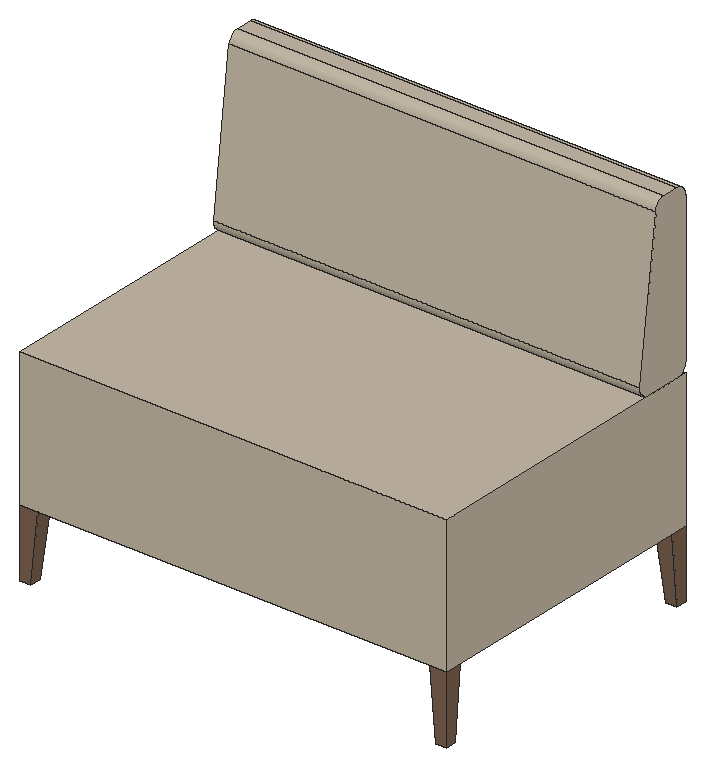
Revit family "FU_Chair_Sandler_LINEAR 2-1", category Furniture, Revit 2020
Family settings
  OmniClass Number = 23.21.23.15.17
  Work Plane-Based = Yes
  Always vertical = No
  Cut with Voids When Loaded = No
  Shared = No
  Room Calculation Point = No
Parameters (values of type "LINEAR 2.1")
  Youtube clip = ""
  Uniformat II Description = "Movable Furnishings"
  Uniformat II Code = ""
  Uniclass 2015 Name = ""
  Uniclass 2015 Code = ""
  Uniclass 2.0 Description = ""
  Uniclass 2.0 Code = ""
  Uniclass 1.4 Description = ""
  Uniclass 1.4 Code = ""
  UNSPSC Code = ""
  Technical description = ""
  Shell Material = Fabric - Mainline Flax - Upminster MLF20
  Frame Material = Wood - Beech - Walnut
  Region South America = "All"
  Region Oceania = "All"
  Region North America = "All"
  Region Middle East = "All"
  Region Europe = "All"
  Region Asia = "All"
  Region Antarctica = "All"
  Region Africa = "All"
  QR code = "https://www.sandlerseating.com/product/linear-2-1/"
  Product url = "https://www.sandlerseating.com/product/linear-2-1/"
  Product name = "LINEAR 2.1"
  Product group = "Chair"
  Product family = "Furniture"
  Product data url = "https://www.sandlerseating.com/product/linear-2-1/"
  Product certification = ""
  Product SKU = "??"
  Product Guid = "??"
  OmniClass Description = ""
  OmniClass Code = "23-21 23 15 17"
  NBS Reference Description = ""
  NBS Reference Code = ""
  Model = "LINEAR 2.1"
  Masterformat 2014 Description = "Chair Mats"
  Masterformat 2014 Code = "12 48 43.13"
  Manufacturer name = "Sandler"
  Manufacturer country = "USA"
  Manufacturer = "Sandler"
  Installation instructions = ""
  IFC Classification = "Furnishing Element"
  GTIN code = ""
  Edition number = 1
  Design country = "Brasil"
  Description = "Chair"
  Default Elevation = 0.000 mm
  Date of publishing = ""
  COBIe Type Category = ""
  Brand url = "https://www.sandlerseating.com/"
  BIMobject main category code = "furniture"
  BIMobject main category = "Furniture"
  BIMobject category code = "furniture-chair"
  BIMobject category = "Chair"
Reference planes
  plane 1 "Center Front/Back": y = 0
  plane 2: z = 0
  plane 3 "Center Left/Right": x = 0
Forms (mm)
  Extrusion 1, solid, material "Fabric - Mainline Flax - Upminster MLF20" <- "Shell Material"
    sketch origin (0, 0, 20) x (0, -1, 0) y (0, 0, 1)
      loop
        line (-350, 460) -> (-350, 140) -> (350, 140) -> (350, 460) -> (-350, 460)
    from -500 to 500
  Extrusion 2, solid, material "Fabric - Mainline Flax - Upminster MLF20" <- "Shell Material"
    sketch origin (0, 0, 0) x (0, -1, 0) y (0, 0, 1)
      loop
        line (-350, 855) -> (-350, 505)
        arc (-350, 505) -> (-342.678, 487.322) -> (-325, 480) r 25
        line (-325, 480) -> (-241.888, 480)
        arc (-241.888, 480) -> (-223.105, 488.501) -> (-217.096, 508.223) r 25
        line (-217.096, 508.223) -> (-262.598, 858.223)
        arc (-262.598, 858.223) -> (-270.891, 873.783) -> (-287.39, 880) r 25
        line (-287.39, 880) -> (-325, 880)
        arc (-325, 880) -> (-342.678, 872.678) -> (-350, 855) r 25
    from -500 to 500
  Blend 3, solid, material "Wood - Beech - Walnut" <- "Frame Material"
    base sketch origin (0, 0, 840) x (0, 1, 0) y (-1, 0, 0)
      loop
        line (-350, 500) -> (-350, 460) -> (-310, 460) -> (-310, 500) -> (-350, 500)
    top sketch origin (0, 0, 840) x (0, 1, 0) y (-1, 0, 0)
      loop
        line (-350, 500) -> (-350, 475) -> (-325, 475) -> (-325, 500) -> (-350, 500)
    from -680 to -840
  Blend 4, solid, material "Wood - Beech - Walnut" <- "Frame Material"
    base sketch origin (0, 0, 840) x (0, 1, 0) y (-1, 0, 0)
      loop
        line (-350, -500) -> (-310, -500) -> (-310, -460) -> (-350, -460) -> (-350, -500)
    top sketch origin (0, 0, 840) x (0, 1, 0) y (-1, 0, 0)
      loop
        line (-350, -500) -> (-325, -500) -> (-325, -475) -> (-350, -475) -> (-350, -500)
    from -680 to -840
  Blend 5, solid, material "Wood - Beech - Walnut" <- "Frame Material"
    base sketch origin (0, 0, 840) x (0, -1, 0) y (1, 0, 0)
      loop
        line (-350, -500) -> (-310, -500) -> (-310, -460) -> (-350, -460) -> (-350, -500)
    top sketch origin (0, 0, 840) x (0, -1, 0) y (1, 0, 0)
      loop
        line (-350, -500) -> (-325, -500) -> (-325, -475) -> (-350, -475) -> (-350, -500)
    from -680 to -840
  Blend 6, solid, material "Wood - Beech - Walnut" <- "Frame Material"
    base sketch origin (0, 0, 840) x (0, -1, 0) y (1, 0, 0)
      loop
        line (-350, 500) -> (-350, 460) -> (-310, 460) -> (-310, 500) -> (-350, 500)
    top sketch origin (0, 0, 840) x (0, -1, 0) y (1, 0, 0)
      loop
        line (-350, 500) -> (-350, 475) -> (-325, 475) -> (-325, 500) -> (-350, 500)
    from -680 to -840
Dimensions and locks
  aligned and locked: level to plane 2
